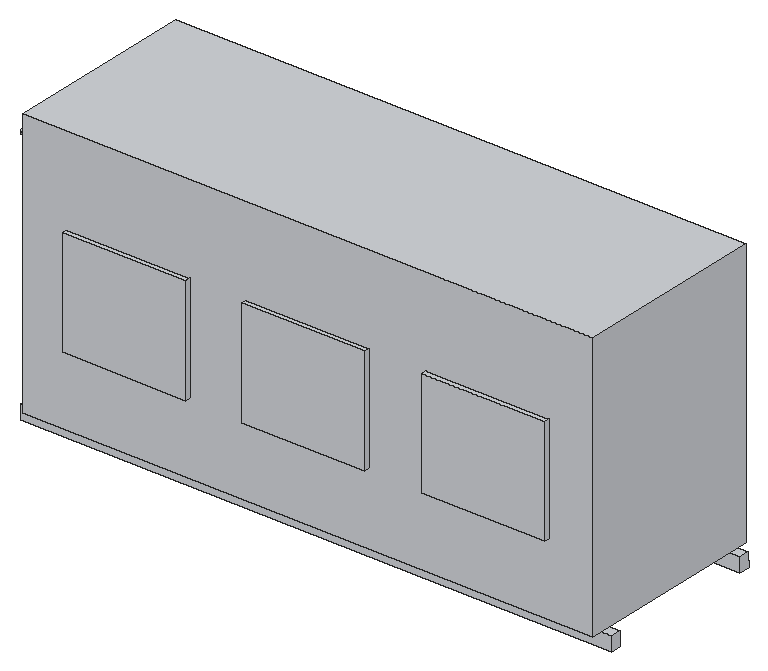
Revit family "Fan Coil modular de teto - Descarga tripla", category Equipamento mecânico, Revit 2019
Family settings
  Cota do conector redondo = Usar raio
  Tipo de parte = Normal
  ID de item do Seek = AHU Coil - Refrigerant - Indoor-0000-USA-ENU
  Com base no plano de trabalho = Não
  Sempre na vertical = Sim
  Corte com vazios quando carregada = Não
  Compartilhado = Não
  Ponto de cálculo do ambiente = Não
Parameters (values of type "Padrão")
  Queda de pressão da água [instance] = 0.0 Pa
  Voltagem = 230 V
  Comprimento da unidade = Largura do duto de entrada + 50 mm  # 2770 mm
  Altura da unidade = Altura do duto de entrada + 50 mm  # 1300 mm
  Número de pólos = 1
  Altura da conexão mecânica 2 = 1250 mm
  Altura da conexão mecânica 1 = Altura base + 50 mm  # 120 mm
  Classificação de carga = Refrigeração
  Largura do duto de entrada = 2720 mm
  Altura do duto de entrada = 1250 mm
  Raio da drenagem = 11 mm
  Diâmetro da drenagem = Raio da drenagem * 2  # 22 mm
  Separação da descarga = 276 mm
  Deslocamento da largura do duto de descarga = 215 mm
  Largura do duto de descarga = 596 mm
  Deslocamento da altura do duto de descarga = 430 mm
  Altura do duto de descarga = 520 mm
  Largura da unidade = 930 mm
  Material base = none
  Altura base = 70 mm
  Carga aparente = 0 VA
  Fluxo de ar [instance] = 2833.2 m³/h
  Raio 2 = Raio da água mecânica + 25.4 mm  # 37.9 mm
  Raio 1 = Raio 2 / 2  # 18.95 mm
  Fluxo da drenagem [instance] = 0.0 L/s
  Material da serpentina = none
  Raio da água mecânica = 12.5 mm
  Fluxo da água [instance] = 1.0 L/s
  Diâmetro da água mecânica = Raio da água mecânica * 2  # 25 mm
  Queda de pressão do ar [instance] = 0.0 Pa
Reference planes
  plane 1 "Parte frontal": y = 0
  plane 2 "Inferior": z = 0
  plane 3 "Centro (direita/esquerda)": x = 0
  plane 4 "Esquerda": x = -1385
  plane 5 "Direita": x = 1385
  plane 6 "Centro (Frente/Trás)": y = 465
  plane 7 "Parte posterior": y = 930
  plane 8: y = 101.2
  plane 9: y = 25.4
  plane 10: y = 63.3
  plane 11 "Superior": z = 1370
  plane 12: z = 513.968
  plane 13: x = 1360
  plane 14: x = -1360
  plane 15: x = -1385
  plane 16: x = -1435
  plane 17: z = 120
  plane 18: z = 1250
  plane 19: z = 720
  plane 20 "Base": z = 70
  plane 21 "Dreno d": z = 81
  plane 22 "Esquerda da descarga": x = 574
  plane 23 "Direita da descarga": x = 1170
  plane 24 "Topo da descarga": z = 940
  plane 25 "Parte inferior da descarga": z = 420
  plane 26: y = 50
  plane 27: y = 100
  plane 28: y = 880
  plane 29: y = 830
  plane 30: x = 1435
  plane 31: x = 298
  plane 32: x = -298
  plane 33 "Topo da elétrica": z = 745
  plane 34 "Parte inferior da elétrica": z = 695
  plane 35 "Esquerda da elétrica": y = 490
  plane 36 "Direita da elétrica": y = 440
  plane 37: x = -1170
  plane 38: x = -574
Forms (mm)
  Extrusion 1, solid, material <- "Material da serpentina"
    sketch origin (0, 0, 0) x (1, 0, 0) y (0, 0, 1)
      loop
        line (-1385, 1370) -> (-1385, 70) -> (1385, 70) -> (1385, 1370) -> (-1385, 1370)
    from -930 to 0
  Extrusion 2, solid, material <- "Material da serpentina"
    sketch origin (0, 0, -15) x (0, 1, 0) y (0, 0, 1)
      loop
        circle (465, 96) r 11
    from -1435 to -1385
  Extrusion 3, solid, material <- "Material da serpentina"
    sketch origin (0, 0, 0) x (0, 1, 0) y (0, 0, 1)
      loop
        circle (63.3, 1250) r 12.5
      loop
        circle (101.2, 120) r 12.5
    from -1435 to -1385
  Extrusion 4, solid, material <- "Material da serpentina"
    sketch origin (0, 0, 0) x (1, 0, 0) y (0, 0, 1)
      loop
        line (574, 940) -> (574, 420) -> (1170, 420) -> (1170, 940) -> (574, 940)
    from 0 to 25
  Extrusion 5, solid, material <- "Material base"
    sketch origin (0, 0, 0) x (1, 0, 0) y (0, 1, 0)
      loop
        line (-1435, 880) -> (-1435, 830) -> (1435, 830) -> (1435, 880) -> (-1435, 880)
    from 0 to 70
  Extrusion 6, solid, material <- "Material base"
    sketch origin (250, -194.812, 0) x (1, 0, 0) y (0, 1, 0)
      loop
        line (-1685, 294.812) -> (-1685, 244.812) -> (1185, 244.812) -> (1185, 294.812) -> (-1685, 294.812)
    from 0 to 70
  Extrusion 7, solid, material <- "Material da serpentina"
    sketch origin (0, 0, 0) x (1, 0, 0) y (0, 0, 1)
      loop
        line (298, 940) -> (-298, 940) -> (-298, 420) -> (298, 420) -> (298, 940)
    from 0 to 25
  Extrusion 8, solid, material <- "Material da serpentina"
    sketch origin (-1385, 0, 0) x (0, 1, 0) y (0, 0, 1)
      loop
        line (490, 745) -> (440, 745) -> (440, 695) -> (490, 695) -> (490, 745)
    from 0 to -5
  Extrusion 9, solid, material <- "Material da serpentina"
    sketch origin (0, 0, 0) x (1, 0, 0) y (0, 0, 1)
      loop
        line (-574, 940) -> (-1170, 940) -> (-1170, 420) -> (-574, 420) -> (-574, 940)
    from 0 to 25
Cuts and joins
  joined: Extrusion 1, Extrusion 2, Extrusion 3
Dimensions and locks
  equal spacing: plane 4 "Esquerda", plane 3 "Centro (direita/esquerda)", plane 5 "Direita"
  "Comprimento da unidade": plane 4 "Esquerda" to plane 5 "Direita"
  locked: plane 1 "Parte frontal" to plane 9 at 25.4
  "Raio 2": plane 10 to plane 9
  equal spacing: plane 14, plane 3 "Centro (direita/esquerda)", plane 13
  "Largura do duto de entrada": plane 14 to plane 13
  plane 4 "Esquerda" to plane 16 = 50 mm
  "Altura da conexão mecânica 1": plane 17 to plane 2 "Inferior"
  "Altura da conexão mecânica 2": plane 18 to plane 2 "Inferior"
  equal spacing: plane 11 "Superior", plane 19, plane 20 "Base"
  "Raio 2": plane 10 to plane 8
  equal spacing: plane 7 "Parte posterior", plane 6 "Centro (Frente/Trás)", plane 1 "Parte frontal"
  "Altura base": plane 20 "Base" to plane 2 "Inferior"
  "Raio da drenagem": plane 20 "Base" to plane 21 "Dreno d"
  "Altura da unidade": plane 11 "Superior" to plane 20 "Base"
  "Altura do duto de descarga": plane 24 "Topo da descarga" to plane 25 "Parte inferior da descarga"
  "Largura do duto de descarga": plane 22 "Esquerda da descarga" to plane 23 "Direita da descarga"
  "Deslocamento da largura do duto de descarga": plane 23 "Direita da descarga" to plane 5 "Direita"
  "Deslocamento da altura do duto de descarga": plane 11 "Superior" to plane 24 "Topo da descarga"
  locked: plane 27 to plane 26 at 50
  locked: plane 1 "Parte frontal" to plane 26 at 50
  locked: plane 29 to plane 28 at 50
  locked: plane 7 "Parte posterior" to plane 28 at 50
  locked: plane 5 "Direita" to plane 30 at 50
  "Largura do duto de descarga": plane 31 to plane 32
  "Separação da descarga": plane 31 to plane 22 "Esquerda da descarga"
  equal spacing: plane 35 "Esquerda da elétrica", plane 6 "Centro (Frente/Trás)", plane 36 "Direita da elétrica"
  plane 35 "Esquerda da elétrica" to plane 36 "Direita da elétrica" = 50 mm
  equal spacing: plane 33 "Topo da elétrica", plane 19, plane 34 "Parte inferior da elétrica"
  plane 33 "Topo da elétrica" to plane 34 "Parte inferior da elétrica" = 50 mm
  "Separação da descarga": plane 32 to plane 38
  "Largura do duto de descarga": plane 38 to plane 37
  "Largura da unidade": plane 7 "Parte posterior" to plane 1 "Parte frontal"
  "Raio da drenagem": radius of Extrusion 2 sketch curve
  "Raio da água mecânica": radius of Extrusion 3 sketch curve  (x2)
  aligned and locked: plane 4 "Esquerda" to Extrusion 1 sketch curve
  aligned and locked: Extrusion 1 sketch curve to plane 11 "Superior"
  aligned and locked: plane 5 "Direita" to Extrusion 1 sketch curve
  aligned and locked: plane 6 "Centro (Frente/Trás)" to Extrusion 2 sketch curve
  aligned and locked: plane 4 "Esquerda" to Extrusion 2
  aligned and locked: plane 17 to Extrusion 3 sketch curve
  aligned and locked: plane 18 to Extrusion 3 sketch curve
  aligned and locked: Extrusion 3 to plane 16
  aligned and locked: plane 15 to Extrusion 3
  aligned and locked: plane 15 to plane 4 "Esquerda"
  aligned and locked: cut or joined group of Extrusion 1, Extrusion 2, Extrusion 3 to plane 20 "Base"
  aligned and locked: Extrusion 2 sketch curve to plane 21 "Dreno d"
  aligned and locked: Extrusion 4 to plane 24 "Topo da descarga"
  aligned and locked: plane 25 "Parte inferior da descarga" to Extrusion 4
  aligned and locked: Extrusion 4 to plane 22 "Esquerda da descarga"
  aligned and locked: Extrusion 4 to plane 23 "Direita da descarga"
  aligned and locked: Extrusion 5 to plane 30
  aligned and locked: Extrusion 5 to plane 16
  aligned and locked: Extrusion 5 to plane 28
  aligned and locked: Extrusion 5 to plane 29
  aligned and locked: Extrusion 5 to plane 2 "Inferior"
  aligned and locked: plane 20 "Base" to Extrusion 5
  aligned and locked: Extrusion 6 to plane 27
  aligned and locked: Extrusion 6 to plane 26
  aligned and locked: Extrusion 6 to plane 30
  aligned and locked: Extrusion 6 to plane 16
  aligned and locked: plane 20 "Base" to Extrusion 6
  aligned and locked: Extrusion 6 to plane 2 "Inferior"
  aligned and locked: plane 2 "Inferior" to Extrusion 5
  aligned and locked: Extrusion 5 to plane 20 "Base"
  aligned and locked: cut or joined group of Extrusion 1, Extrusion 2, Extrusion 3 to plane 15
  aligned and locked: cut or joined group of Extrusion 1, Extrusion 2, Extrusion 3 to plane 16
  aligned and locked: plane 8 to Extrusion 3 sketch curve
  aligned and locked: plane 10 to Extrusion 3 sketch curve
  aligned and locked: Extrusion 7 to plane 31
  aligned and locked: plane 32 to Extrusion 7
  aligned and locked: Extrusion 8 to plane 34 "Parte inferior da elétrica"
  aligned and locked: Extrusion 8 to plane 35 "Esquerda da elétrica"
  aligned and locked: plane 36 "Direita da elétrica" to Extrusion 8
  aligned and locked: plane 33 "Topo da elétrica" to Extrusion 8
  aligned and locked: plane 24 "Topo da descarga" to Extrusion 9
  aligned and locked: Extrusion 9 to plane 37
  aligned and locked: plane 38 to Extrusion 9
  aligned and locked: cut or joined group of Extrusion 1, Extrusion 2, Extrusion 3 to plane 7 "Parte posterior"
Automatic sketch dimensions
  Extrusion 1 sketch curve to plane 20 "Base" = 0 mm
  Extrusion 5 sketch curve to plane 16 = 0 mm
  plane 29 to Extrusion 5 sketch curve = 0 mm
  Extrusion 5 sketch curve to plane 30 = 0 mm
  Extrusion 5 sketch curve to plane 28 = 0 mm
  Extrusion 6 sketch curve to plane 16 = 0 mm
  plane 26 to Extrusion 6 sketch curve = 0 mm
  Extrusion 6 sketch curve to plane 30 = 0 mm
  Extrusion 6 sketch curve to plane 27 = 0 mm
  Extrusion 8 sketch curve to plane 33 "Topo da elétrica" = 0 mm
  Extrusion 8 sketch curve to plane 36 "Direita da elétrica" = 0 mm
  Extrusion 8 sketch curve to plane 34 "Parte inferior da elétrica" = 0 mm
  Extrusion 8 sketch curve to plane 35 "Esquerda da elétrica" = 0 mm
  plane 22 "Esquerda da descarga" to Extrusion 4 sketch curve = 0 mm
  plane 23 "Direita da descarga" to Extrusion 4 sketch curve = 0 mm
  Extrusion 4 sketch curve to plane 25 "Parte inferior da descarga" = 0 mm
  Extrusion 4 sketch curve to plane 24 "Topo da descarga" = 0 mm
  Extrusion 7 sketch curve to plane 24 "Topo da descarga" = 0 mm
  Extrusion 7 sketch curve to plane 32 = 0 mm
  Extrusion 7 sketch curve to plane 25 "Parte inferior da descarga" = 0 mm
  Extrusion 7 sketch curve to plane 31 = 0 mm
  Extrusion 9 sketch curve to plane 24 "Topo da descarga" = 0 mm
  Extrusion 9 sketch curve to plane 37 = 0 mm
  Extrusion 9 sketch curve to plane 25 "Parte inferior da descarga" = 0 mm
  Extrusion 9 sketch curve to plane 38 = 0 mm
Connectors
  piping at (-1435, 63.3, 1250), diameter 25, driven by "Fluxo da água", driven by "Queda de pressão da água", driven by "Raio da água mecânica"
    settings: on cut or joined group of Extrusion 1, Extrusion 2, Extrusion 3, index 3, connector inside diameter 25 mm, connector length 0 mm, flow factor 0, pipe flow 1.0 L/s, pressure drop 0.0 Pa, fitting loss kfactor 0, connector angle 0.00°, fixture units 0, engagement length 0 mm, angle of deflection 0.00°, flow configuration 1, flow direction 2, fitting loss method 4, system type 8, joint type 0, gender type 0, connector reference index 4, connector utility 0, adjustable connector no, is connector primary yes, connector description "Saída de água resfriada"
  piping at (-1435, 101.2, 120), diameter 25, driven by "Raio da água mecânica", driven by "Fluxo da água"
    settings: on cut or joined group of Extrusion 1, Extrusion 2, Extrusion 3, index 4, connector inside diameter 25 mm, connector length 0 mm, flow factor 0, pipe flow 1.0 L/s, pressure drop 0.0 Pa, fitting loss kfactor 0, connector angle 0.00°, fixture units 0, engagement length 0 mm, angle of deflection 0.00°, flow configuration 1, flow direction 1, fitting loss method 4, system type 7, joint type 0, gender type 0, connector reference index 3, connector utility 0, adjustable connector no, is connector primary no, connector description "Entrada de água resfriada"
  piping at (-1435, 465, 81), diameter 22, driven by "Raio da drenagem", driven by "Fluxo da drenagem"
    settings: on cut or joined group of Extrusion 1, Extrusion 2, Extrusion 3, index 5, connector inside diameter 22 mm, connector length 0 mm, flow factor 0, pipe flow 0.0 L/s, pressure drop 0.0 Pa, fitting loss kfactor 0, connector angle 0.00°, fixture units 0, engagement length 0 mm, angle of deflection 0.00°, flow configuration 1, flow direction 2, fitting loss method 0, system type 16, joint type 0, gender type 0, connector reference index -1, connector utility 0, adjustable connector yes, is connector primary no, connector description "Saída da drenagem"
  hvac at (0, 930, 720), driven by "Altura do duto de entrada", driven by "Largura do duto de entrada", driven by "Fluxo de ar"
    settings: on cut or joined group of Extrusion 1, Extrusion 2, Extrusion 3, index 9, duct flow 2833.2 m³/h, flow factor 0, pres drop 0.0 Pa, loss coef 0, conn angle 0.00°, conn width 2720 mm, conn height 1250 mm, conn diameter 609.6 mm, duct sys type 2, conn prof type 1, flow config 0, flow direction 1, loss method 0, conn ref index 11, conn util no, is conn primary yes, conn desc "Entrada de ar"
  hvac at (872, -25, 680), driven by "Queda de pressão do ar", driven by "Fluxo de ar", driven by "Altura do duto de descarga", driven by "Largura do duto de descarga"
    settings: on Extrusion 4, index 10, duct flow 2833.2 m³/h, flow factor 0, pres drop 0.0 Pa, loss coef 0, conn angle 0.00°, conn width 596 mm, conn height 520 mm, conn diameter 609.6 mm, duct sys type 1, conn prof type 1, flow config 0, flow direction 2, loss method 4, conn ref index -1, conn util no, is conn primary no, conn desc "Saída de ar 1"
  hvac at (0, -25, 680), driven by "Queda de pressão do ar", driven by "Fluxo de ar", driven by "Altura do duto de descarga", driven by "Largura do duto de descarga"
    settings: on Extrusion 7, index 11, duct flow 2833.2 m³/h, flow factor 0, pres drop 0.0 Pa, loss coef 0, conn angle 0.00°, conn width 596 mm, conn height 520 mm, conn diameter 609.6 mm, duct sys type 1, conn prof type 1, flow config 0, flow direction 2, loss method 4, conn ref index 9, conn util no, is conn primary no, conn desc "Saída de ar 2"
  electrical at (-1390, 465, 720), driven by "Número de pólos", driven by "Classificação de carga", driven by "Voltagem", driven by "Carga aparente"
    settings: on Extrusion 8, index 12, voltage 230 V, apparent load 0 VA, apparent load phase1 0 VA, apparent load phase2 0 VA, apparent load phase3 0 VA, power factor 0.8, load classification "Refrigeração", number of poles 1, system type 30, power factor state 1, is connector primary yes, connector utility no, sub classification motor no, connector description "Potência"
  hvac at (-872, -25, 680), driven by "Queda de pressão do ar", driven by "Fluxo de ar", driven by "Altura do duto de descarga", driven by "Largura do duto de descarga"
    settings: on Extrusion 9, index 13, duct flow 2833.2 m³/h, flow factor 0, pres drop 0.0 Pa, loss coef 0, conn angle 0.00°, conn width 596 mm, conn height 520 mm, conn diameter 609.6 mm, duct sys type 1, conn prof type 1, flow config 0, flow direction 2, loss method 4, conn ref index -1, conn util no, is conn primary no, conn desc ""
